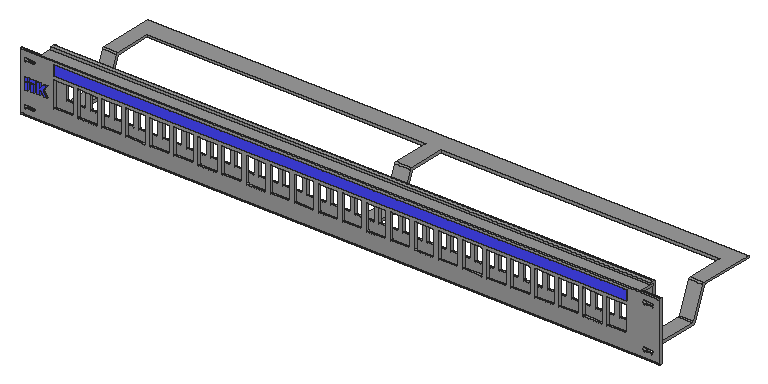
Revit family "ITK_Телефонная патч-панель_19-дюймовое крепление_1U_категория 3", category Обобщенные модели, Revit 2019
Family settings
  Может служить основой для арматурных стержней = Нет
  Размер круглого соединителя = Использовать диаметр
  Тип детали = Нормальный
  На основе рабочей плоскости = Нет
  Всегда вертикально = Да
  При загрузке вырезать с полостями = Нет
  Общий = Нет
  Точка расчета площади = Нет
Parameters (values of type "PP24-1UMU")
  Ширина = 482.6 mm
  Материал = Окраска - RAL 9005
  Изготовитель = "ITK"  # constant formula
  Дата изменения = ""
  Глубина = 101.8 mm
  Высота = 44.5 mm
  URL = "https://www.iek.ru/"
  KSI_CPr_Строительные изделия = "27.12.31.61.1.04.09-1090"  # constant formula
  KSI_CMa_Строительные материалы = "10.03.02.06"  # constant formula
  IEK_Цена за единицу = 1354.69
  IEK_Поиск в таблице имен = ""
  IEK_Описание = "Современное универсальное решение для использования модулей Keyston Jack.\r\nСовместимы со всеми 19\" шкафами и стойками ITK."
  IEK_URL = "https://www.itk-group.ru/produktsiya/catalog/oborudovanie_telekommunikatsionnoe/komponenty_sks_mednye/patch_paneli/modulnye_patch_paneli/itk_1u_modulnaya_patch_panel_utp_24_porta"
  ADSK_Примечание = ""
  ADSK_Позиция [instance] = ""
  ADSK_Наименование = "ITK 1U Модульная патч-панель UTP 24 порта"
  ADSK_Материал обозначение = ""
  ADSK_Материал наименование = "Металл"  # constant formula
  ADSK_Масса = 0.82
  ADSK_Марка = ""  # constant formula
  ADSK_Код изделия = "PP24-1UMU"
  ADSK_Завод-изготовитель = "IEK"  # constant formula
  ADSK_Единица измерения = "шт"  # constant formula
  ADSK_Группирование = "I. ЩИТЫ И ПУЛЬТЫ"  # constant formula
  ADSK_Версия семейства = "1.0"  # constant formula
  ADSK_Версия Revit = "2019"  # constant formula
  ADSK_URL страницы изделия = "https://www.itk-group.ru/produktsiya/catalog/oborudovanie_telekommunikatsionnoe/komponenty_sks_mednye/patch_paneli/patch_paneli_kat_3/"
Reference planes
  plane 1 "По центру (Вперед/Назад)": y = 0
  plane 2: z = 0
  plane 3 "По центру (Влево/Вправо)": x = 0
  plane 4: z = 44.5
  plane 5: y = 11.8
  plane 6: x = 232.5
  plane 7: z = 22.25
  plane 8: z = 38.15
  plane 9: z = 6.35
  plane 10: x = -233.8
  plane 11: x = -216.3
  plane 12: x = 216.3
  plane 13: z = 28.703
  plane 14: x = -241.3
  plane 15: x = 241.3
  plane 16: x = -215.909
  plane 17: x = 215.95
  plane 18: x = 201.15
  plane 19: y = 101.8
  plane 20: y = 50.9
Forms (mm)
  Extrusion 1, void
    sketch origin (0, 0, 0) x (1, 0, 0) y (0, 1, 0)
      loop
        line (-241.3, 11.8) -> (-241.3, 1.6) -> (-226.3, 1.6) -> (-226.3, 11.8) -> (-241.3, 11.8)
      loop
        line (241.3, 11.8) -> (226.3, 11.8) -> (226.3, 1.6) -> (241.3, 1.6) -> (241.3, 11.8)
    from 0 to 482.6
  Extrusion 2, solid, material "Окраска - RAL 9005" <- "Материал", detail levels fine
    sketch origin (-241.3, 0, 0) x (0, 1, 0) y (0, 0, 1)
      loop
        line (11.8, 44.5) -> (0.523, 44.5)
        arc (0.523, 44.5) -> (0.153, 44.347) -> (0, 43.977) r 0.523
        line (0, 43.977) -> (0, 0.507)
        arc (0, 0.507) -> (0.148, 0.148) -> (0.507, 0) r 0.507
        line (0.507, 0) -> (11.8, 0) -> (11.8, 1.6) -> (2.104, 1.6)
        arc (2.104, 1.6) -> (1.748, 1.748) -> (1.6, 2.104) r 0.504
        line (1.6, 2.104) -> (1.6, 42.358)
        arc (1.6, 42.358) -> (1.759, 42.741) -> (2.142, 42.9) r 0.542
        line (2.142, 42.9) -> (11.8, 42.9) -> (11.8, 44.5)
    from 0 to 482.6
  Extrusion 3, void
    sketch origin (0, 0, 0) x (1, 0, 0) y (0, 0, 1)
      loop
        line (235, 39.65) -> (230, 39.65)
        arc (230, 39.65) -> (228.5, 38.15) -> (230, 36.65) r 1.5
        line (230, 36.65) -> (235, 36.65)
        arc (235, 36.65) -> (236.5, 38.15) -> (235, 39.65) r 1.5
      loop
        arc (235, 4.85) -> (236.5, 6.35) -> (235, 7.85) r 1.5
        line (235, 7.85) -> (230, 7.85)
        arc (230, 7.85) -> (228.5, 6.35) -> (230, 4.85) r 1.5
        line (230, 4.85) -> (235, 4.85)
      loop
        arc (-236.3, 39.65) -> (-237.8, 38.15) -> (-236.3, 36.65) r 1.5
        line (-236.3, 36.65) -> (-231.3, 36.65)
        arc (-231.3, 36.65) -> (-229.8, 38.15) -> (-231.3, 39.65) r 1.5
        line (-231.3, 39.65) -> (-236.3, 39.65)
      loop
        line (-236.3, 4.85) -> (-231.3, 4.85)
        arc (-231.3, 4.85) -> (-229.8, 6.35) -> (-231.3, 7.85) r 1.5
        line (-231.3, 7.85) -> (-236.3, 7.85)
        arc (-236.3, 7.85) -> (-237.8, 6.35) -> (-236.3, 4.85) r 1.5
    from 0 to -2
  Extrusion 4, solid, material "Пластик белый", detail levels fine
    sketch origin (0, 0, 0) x (1, 0, 0) y (0, 0, 1)
      loop
        line (-215.909, 34.349) -> (-124.048, 34.349) -> (215.95, 34.349) -> (215.95, 41.844) -> (-126.424, 41.844) -> (-215.909, 41.844) -> (-215.909, 34.349)
    from 0 to -0.974
  Extrusion 5, void
    sketch origin (0, 0, 0) x (1, 0, 0) y (0, 0, 1)
      loop
        line (-215.909, 41.844) -> (-215.909, 34.349) -> (2.601, 34.349) -> (215.95, 34.349) -> (215.95, 41.844) -> (3.377, 41.844) -> (-215.909, 41.844)
    from -0.974 to 0
  Extrusion 6, void
    sketch origin (-0.654, 0, 0) x (1, 0, 0) y (0, 0, 1)
      loop
        arc (-214.746, 32.1) -> (-215.106, 31.951) -> (-215.254, 31.591) r 0.509
        line (-215.254, 31.591) -> (-215.254, 12.94)
        arc (-215.254, 12.94) -> (-215.096, 12.558) -> (-214.715, 12.4) r 0.54
        line (-214.715, 12.4) -> (-200.981, 12.4)
        arc (-200.981, 12.4) -> (-200.609, 12.554) -> (-200.454, 12.927) r 0.527
        line (-200.454, 12.927) -> (-200.454, 31.6)
        arc (-200.454, 31.6) -> (-200.601, 31.954) -> (-200.954, 32.1) r 0.5
        line (-200.954, 32.1) -> (-214.746, 32.1)
    from 3.3 to -20
  Extrusion 7, solid, material "Условный материал-отделка", detail levels coarse+medium
    sketch origin (0, 0, 0) x (1, 0, 0) y (0, 0, 1)
      loop
        line (-241.3, 44.5) -> (-241.3, 0) -> (241.3, 0) -> (241.3, 44.5) -> (-241.3, 44.5)
    from -101.8 to 0
  Extrusion 8, solid, material "Пластик белый", detail levels fine
    sketch origin (-229.749, 0, 18.183) x (1, 0, 0) y (0, 0, 1)
      loop
        line (-7.624, 5.29) -> (-7.624, 0) -> (-5.312, 0) -> (-5.312, 5.29) -> (-7.624, 5.29)
      loop
        line (-0.808, 5.29) -> (-2.986, 5.29) -> (-2.986, 0) -> (-0.808, 0) -> (-0.808, 5.29)
      loop
        line (-7.624, 6.027) -> (-5.312, 6.027) -> (-5.312, 8.272) -> (-7.624, 8.272) -> (-7.624, 6.027)
      loop
        line (1.567, 8.272) -> (1.567, 0) -> (3.747, 0) -> (3.747, 3.101) -> (4.58, 3.101) -> (6.594, 0) -> (9.251, 0) -> (6.241, 4.142) -> (9.251, 8.272) -> (6.594, 8.272) -> (4.58, 5.17) -> (3.747, 5.17) -> (3.747, 8.272) -> (1.567, 8.272)
      loop
        line (-4.24, 6.027) -> (0.447, 6.027) -> (0.447, 8.272) -> (-4.24, 8.272) -> (-4.24, 6.027)
    from 0 to 0.554
  Extrusion 9, void
    sketch origin (416.405, 0, 0) x (1, 0, 0) y (0, 0, 1)
      loop
        arc (-214.746, 32.1) -> (-215.106, 31.951) -> (-215.254, 31.591) r 0.509
        line (-215.254, 31.591) -> (-215.254, 12.94)
        arc (-215.254, 12.94) -> (-215.096, 12.558) -> (-214.715, 12.4) r 0.54
        line (-214.715, 12.4) -> (-200.981, 12.4)
        arc (-200.981, 12.4) -> (-200.609, 12.554) -> (-200.454, 12.927) r 0.527
        line (-200.454, 12.927) -> (-200.454, 31.6)
        arc (-200.454, 31.6) -> (-200.601, 31.954) -> (-200.954, 32.1) r 0.5
        line (-200.954, 32.1) -> (-214.746, 32.1)
    from 3.3 to -20
  Extrusion 10, void
    sketch origin (17.479, 0, 0) x (1, 0, 0) y (0, 0, 1)
      loop
        arc (-214.746, 32.1) -> (-215.106, 31.951) -> (-215.254, 31.591) r 0.509
        line (-215.254, 31.591) -> (-215.254, 12.94)
        arc (-215.254, 12.94) -> (-215.096, 12.558) -> (-214.715, 12.4) r 0.54
        line (-214.715, 12.4) -> (-200.981, 12.4)
        arc (-200.981, 12.4) -> (-200.609, 12.554) -> (-200.454, 12.927) r 0.527
        line (-200.454, 12.927) -> (-200.454, 31.6)
        arc (-200.454, 31.6) -> (-200.601, 31.954) -> (-200.954, 32.1) r 0.5
        line (-200.954, 32.1) -> (-214.746, 32.1)
    from 3.3 to -20
  Extrusion 11, void
    sketch origin (35.612, 0, 0) x (1, 0, 0) y (0, 0, 1)
      loop
        arc (-214.746, 32.1) -> (-215.106, 31.951) -> (-215.254, 31.591) r 0.509
        line (-215.254, 31.591) -> (-215.254, 12.94)
        arc (-215.254, 12.94) -> (-215.096, 12.558) -> (-214.715, 12.4) r 0.54
        line (-214.715, 12.4) -> (-200.981, 12.4)
        arc (-200.981, 12.4) -> (-200.609, 12.554) -> (-200.454, 12.927) r 0.527
        line (-200.454, 12.927) -> (-200.454, 31.6)
        arc (-200.454, 31.6) -> (-200.601, 31.954) -> (-200.954, 32.1) r 0.5
        line (-200.954, 32.1) -> (-214.746, 32.1)
    from 3.3 to -20
  Extrusion 12, void
    sketch origin (53.745, 0, 0) x (1, 0, 0) y (0, 0, 1)
      loop
        arc (-214.746, 32.1) -> (-215.106, 31.951) -> (-215.254, 31.591) r 0.509
        line (-215.254, 31.591) -> (-215.254, 12.94)
        arc (-215.254, 12.94) -> (-215.096, 12.558) -> (-214.715, 12.4) r 0.54
        line (-214.715, 12.4) -> (-200.981, 12.4)
        arc (-200.981, 12.4) -> (-200.609, 12.554) -> (-200.454, 12.927) r 0.527
        line (-200.454, 12.927) -> (-200.454, 31.6)
        arc (-200.454, 31.6) -> (-200.601, 31.954) -> (-200.954, 32.1) r 0.5
        line (-200.954, 32.1) -> (-214.746, 32.1)
    from 3.3 to -20
  Extrusion 13, void
    sketch origin (71.878, 0, 0) x (1, 0, 0) y (0, 0, 1)
      loop
        arc (-214.746, 32.1) -> (-215.106, 31.951) -> (-215.254, 31.591) r 0.509
        line (-215.254, 31.591) -> (-215.254, 12.94)
        arc (-215.254, 12.94) -> (-215.096, 12.558) -> (-214.715, 12.4) r 0.54
        line (-214.715, 12.4) -> (-200.981, 12.4)
        arc (-200.981, 12.4) -> (-200.609, 12.554) -> (-200.454, 12.927) r 0.527
        line (-200.454, 12.927) -> (-200.454, 31.6)
        arc (-200.454, 31.6) -> (-200.601, 31.954) -> (-200.954, 32.1) r 0.5
        line (-200.954, 32.1) -> (-214.746, 32.1)
    from 3.3 to -20
  Extrusion 14, void
    sketch origin (90.011, 0, 0) x (1, 0, 0) y (0, 0, 1)
      loop
        arc (-214.746, 32.1) -> (-215.106, 31.951) -> (-215.254, 31.591) r 0.509
        line (-215.254, 31.591) -> (-215.254, 12.94)
        arc (-215.254, 12.94) -> (-215.096, 12.558) -> (-214.715, 12.4) r 0.54
        line (-214.715, 12.4) -> (-200.981, 12.4)
        arc (-200.981, 12.4) -> (-200.609, 12.554) -> (-200.454, 12.927) r 0.527
        line (-200.454, 12.927) -> (-200.454, 31.6)
        arc (-200.454, 31.6) -> (-200.601, 31.954) -> (-200.954, 32.1) r 0.5
        line (-200.954, 32.1) -> (-214.746, 32.1)
    from 3.3 to -20
  Extrusion 15, void
    sketch origin (108.144, 0, 0) x (1, 0, 0) y (0, 0, 1)
      loop
        arc (-214.746, 32.1) -> (-215.106, 31.951) -> (-215.254, 31.591) r 0.509
        line (-215.254, 31.591) -> (-215.254, 12.94)
        arc (-215.254, 12.94) -> (-215.096, 12.558) -> (-214.715, 12.4) r 0.54
        line (-214.715, 12.4) -> (-200.981, 12.4)
        arc (-200.981, 12.4) -> (-200.609, 12.554) -> (-200.454, 12.927) r 0.527
        line (-200.454, 12.927) -> (-200.454, 31.6)
        arc (-200.454, 31.6) -> (-200.601, 31.954) -> (-200.954, 32.1) r 0.5
        line (-200.954, 32.1) -> (-214.746, 32.1)
    from 3.3 to -20
  Extrusion 16, void
    sketch origin (126.277, 0, 0) x (1, 0, 0) y (0, 0, 1)
      loop
        arc (-214.746, 32.1) -> (-215.106, 31.951) -> (-215.254, 31.591) r 0.509
        line (-215.254, 31.591) -> (-215.254, 12.94)
        arc (-215.254, 12.94) -> (-215.096, 12.558) -> (-214.715, 12.4) r 0.54
        line (-214.715, 12.4) -> (-200.981, 12.4)
        arc (-200.981, 12.4) -> (-200.609, 12.554) -> (-200.454, 12.927) r 0.527
        line (-200.454, 12.927) -> (-200.454, 31.6)
        arc (-200.454, 31.6) -> (-200.601, 31.954) -> (-200.954, 32.1) r 0.5
        line (-200.954, 32.1) -> (-214.746, 32.1)
    from 3.3 to -20
  Extrusion 17, void
    sketch origin (144.41, 0, 0) x (1, 0, 0) y (0, 0, 1)
      loop
        arc (-214.746, 32.1) -> (-215.106, 31.951) -> (-215.254, 31.591) r 0.509
        line (-215.254, 31.591) -> (-215.254, 12.94)
        arc (-215.254, 12.94) -> (-215.096, 12.558) -> (-214.715, 12.4) r 0.54
        line (-214.715, 12.4) -> (-200.981, 12.4)
        arc (-200.981, 12.4) -> (-200.609, 12.554) -> (-200.454, 12.927) r 0.527
        line (-200.454, 12.927) -> (-200.454, 31.6)
        arc (-200.454, 31.6) -> (-200.601, 31.954) -> (-200.954, 32.1) r 0.5
        line (-200.954, 32.1) -> (-214.746, 32.1)
    from 3.3 to -20
  Extrusion 18, void
    sketch origin (162.543, 0, 0) x (1, 0, 0) y (0, 0, 1)
      loop
        arc (-214.746, 32.1) -> (-215.106, 31.951) -> (-215.254, 31.591) r 0.509
        line (-215.254, 31.591) -> (-215.254, 12.94)
        arc (-215.254, 12.94) -> (-215.096, 12.558) -> (-214.715, 12.4) r 0.54
        line (-214.715, 12.4) -> (-200.981, 12.4)
        arc (-200.981, 12.4) -> (-200.609, 12.554) -> (-200.454, 12.927) r 0.527
        line (-200.454, 12.927) -> (-200.454, 31.6)
        arc (-200.454, 31.6) -> (-200.601, 31.954) -> (-200.954, 32.1) r 0.5
        line (-200.954, 32.1) -> (-214.746, 32.1)
    from 3.3 to -20
  Extrusion 19, void
    sketch origin (180.676, 0, 0) x (1, 0, 0) y (0, 0, 1)
      loop
        arc (-214.746, 32.1) -> (-215.106, 31.951) -> (-215.254, 31.591) r 0.509
        line (-215.254, 31.591) -> (-215.254, 12.94)
        arc (-215.254, 12.94) -> (-215.096, 12.558) -> (-214.715, 12.4) r 0.54
        line (-214.715, 12.4) -> (-200.981, 12.4)
        arc (-200.981, 12.4) -> (-200.609, 12.554) -> (-200.454, 12.927) r 0.527
        line (-200.454, 12.927) -> (-200.454, 31.6)
        arc (-200.454, 31.6) -> (-200.601, 31.954) -> (-200.954, 32.1) r 0.5
        line (-200.954, 32.1) -> (-214.746, 32.1)
    from 3.3 to -20
  Extrusion 20, void
    sketch origin (198.809, 0, 0) x (1, 0, 0) y (0, 0, 1)
      loop
        arc (-214.746, 32.1) -> (-215.106, 31.951) -> (-215.254, 31.591) r 0.509
        line (-215.254, 31.591) -> (-215.254, 12.94)
        arc (-215.254, 12.94) -> (-215.096, 12.558) -> (-214.715, 12.4) r 0.54
        line (-214.715, 12.4) -> (-200.981, 12.4)
        arc (-200.981, 12.4) -> (-200.609, 12.554) -> (-200.454, 12.927) r 0.527
        line (-200.454, 12.927) -> (-200.454, 31.6)
        arc (-200.454, 31.6) -> (-200.601, 31.954) -> (-200.954, 32.1) r 0.5
        line (-200.954, 32.1) -> (-214.746, 32.1)
    from 3.3 to -20
  Extrusion 21, void
    sketch origin (216.942, 0, 0) x (1, 0, 0) y (0, 0, 1)
      loop
        arc (-214.746, 32.1) -> (-215.106, 31.951) -> (-215.254, 31.591) r 0.509
        line (-215.254, 31.591) -> (-215.254, 12.94)
        arc (-215.254, 12.94) -> (-215.096, 12.558) -> (-214.715, 12.4) r 0.54
        line (-214.715, 12.4) -> (-200.981, 12.4)
        arc (-200.981, 12.4) -> (-200.609, 12.554) -> (-200.454, 12.927) r 0.527
        line (-200.454, 12.927) -> (-200.454, 31.6)
        arc (-200.454, 31.6) -> (-200.601, 31.954) -> (-200.954, 32.1) r 0.5
        line (-200.954, 32.1) -> (-214.746, 32.1)
    from 3.3 to -20
  Extrusion 22, void
    sketch origin (235.075, 0, 0) x (1, 0, 0) y (0, 0, 1)
      loop
        arc (-214.746, 32.1) -> (-215.106, 31.951) -> (-215.254, 31.591) r 0.509
        line (-215.254, 31.591) -> (-215.254, 12.94)
        arc (-215.254, 12.94) -> (-215.096, 12.558) -> (-214.715, 12.4) r 0.54
        line (-214.715, 12.4) -> (-200.981, 12.4)
        arc (-200.981, 12.4) -> (-200.609, 12.554) -> (-200.454, 12.927) r 0.527
        line (-200.454, 12.927) -> (-200.454, 31.6)
        arc (-200.454, 31.6) -> (-200.601, 31.954) -> (-200.954, 32.1) r 0.5
        line (-200.954, 32.1) -> (-214.746, 32.1)
    from 3.3 to -20
  Extrusion 23, void
    sketch origin (253.208, 0, 0) x (1, 0, 0) y (0, 0, 1)
      loop
        arc (-214.746, 32.1) -> (-215.106, 31.951) -> (-215.254, 31.591) r 0.509
        line (-215.254, 31.591) -> (-215.254, 12.94)
        arc (-215.254, 12.94) -> (-215.096, 12.558) -> (-214.715, 12.4) r 0.54
        line (-214.715, 12.4) -> (-200.981, 12.4)
        arc (-200.981, 12.4) -> (-200.609, 12.554) -> (-200.454, 12.927) r 0.527
        line (-200.454, 12.927) -> (-200.454, 31.6)
        arc (-200.454, 31.6) -> (-200.601, 31.954) -> (-200.954, 32.1) r 0.5
        line (-200.954, 32.1) -> (-214.746, 32.1)
    from 3.3 to -20
  Extrusion 24, void
    sketch origin (271.341, 0, 0) x (1, 0, 0) y (0, 0, 1)
      loop
        arc (-214.746, 32.1) -> (-215.106, 31.951) -> (-215.254, 31.591) r 0.509
        line (-215.254, 31.591) -> (-215.254, 12.94)
        arc (-215.254, 12.94) -> (-215.096, 12.558) -> (-214.715, 12.4) r 0.54
        line (-214.715, 12.4) -> (-200.981, 12.4)
        arc (-200.981, 12.4) -> (-200.609, 12.554) -> (-200.454, 12.927) r 0.527
        line (-200.454, 12.927) -> (-200.454, 31.6)
        arc (-200.454, 31.6) -> (-200.601, 31.954) -> (-200.954, 32.1) r 0.5
        line (-200.954, 32.1) -> (-214.746, 32.1)
    from 3.3 to -20
  Extrusion 25, void
    sketch origin (289.474, 0, 0) x (1, 0, 0) y (0, 0, 1)
      loop
        arc (-214.746, 32.1) -> (-215.106, 31.951) -> (-215.254, 31.591) r 0.509
        line (-215.254, 31.591) -> (-215.254, 12.94)
        arc (-215.254, 12.94) -> (-215.096, 12.558) -> (-214.715, 12.4) r 0.54
        line (-214.715, 12.4) -> (-200.981, 12.4)
        arc (-200.981, 12.4) -> (-200.609, 12.554) -> (-200.454, 12.927) r 0.527
        line (-200.454, 12.927) -> (-200.454, 31.6)
        arc (-200.454, 31.6) -> (-200.601, 31.954) -> (-200.954, 32.1) r 0.5
        line (-200.954, 32.1) -> (-214.746, 32.1)
    from 3.3 to -20
  Extrusion 26, void
    sketch origin (307.607, 0, 0) x (1, 0, 0) y (0, 0, 1)
      loop
        arc (-214.746, 32.1) -> (-215.106, 31.951) -> (-215.254, 31.591) r 0.509
        line (-215.254, 31.591) -> (-215.254, 12.94)
        arc (-215.254, 12.94) -> (-215.096, 12.558) -> (-214.715, 12.4) r 0.54
        line (-214.715, 12.4) -> (-200.981, 12.4)
        arc (-200.981, 12.4) -> (-200.609, 12.554) -> (-200.454, 12.927) r 0.527
        line (-200.454, 12.927) -> (-200.454, 31.6)
        arc (-200.454, 31.6) -> (-200.601, 31.954) -> (-200.954, 32.1) r 0.5
        line (-200.954, 32.1) -> (-214.746, 32.1)
    from 3.3 to -20
  Extrusion 27, void
    sketch origin (325.74, 0, 0) x (1, 0, 0) y (0, 0, 1)
      loop
        arc (-214.746, 32.1) -> (-215.106, 31.951) -> (-215.254, 31.591) r 0.509
        line (-215.254, 31.591) -> (-215.254, 12.94)
        arc (-215.254, 12.94) -> (-215.096, 12.558) -> (-214.715, 12.4) r 0.54
        line (-214.715, 12.4) -> (-200.981, 12.4)
        arc (-200.981, 12.4) -> (-200.609, 12.554) -> (-200.454, 12.927) r 0.527
        line (-200.454, 12.927) -> (-200.454, 31.6)
        arc (-200.454, 31.6) -> (-200.601, 31.954) -> (-200.954, 32.1) r 0.5
        line (-200.954, 32.1) -> (-214.746, 32.1)
    from 3.3 to -20
  Extrusion 28, void
    sketch origin (343.873, 0, 0) x (1, 0, 0) y (0, 0, 1)
      loop
        arc (-214.746, 32.1) -> (-215.106, 31.951) -> (-215.254, 31.591) r 0.509
        line (-215.254, 31.591) -> (-215.254, 12.94)
        arc (-215.254, 12.94) -> (-215.096, 12.558) -> (-214.715, 12.4) r 0.54
        line (-214.715, 12.4) -> (-200.981, 12.4)
        arc (-200.981, 12.4) -> (-200.609, 12.554) -> (-200.454, 12.927) r 0.527
        line (-200.454, 12.927) -> (-200.454, 31.6)
        arc (-200.454, 31.6) -> (-200.601, 31.954) -> (-200.954, 32.1) r 0.5
        line (-200.954, 32.1) -> (-214.746, 32.1)
    from 3.3 to -20
  Extrusion 29, void
    sketch origin (362.006, 0, 0) x (1, 0, 0) y (0, 0, 1)
      loop
        arc (-214.746, 32.1) -> (-215.106, 31.951) -> (-215.254, 31.591) r 0.509
        line (-215.254, 31.591) -> (-215.254, 12.94)
        arc (-215.254, 12.94) -> (-215.096, 12.558) -> (-214.715, 12.4) r 0.54
        line (-214.715, 12.4) -> (-200.981, 12.4)
        arc (-200.981, 12.4) -> (-200.609, 12.554) -> (-200.454, 12.927) r 0.527
        line (-200.454, 12.927) -> (-200.454, 31.6)
        arc (-200.454, 31.6) -> (-200.601, 31.954) -> (-200.954, 32.1) r 0.5
        line (-200.954, 32.1) -> (-214.746, 32.1)
    from 3.3 to -20
  Extrusion 30, void
    sketch origin (380.139, 0, 0) x (1, 0, 0) y (0, 0, 1)
      loop
        arc (-214.746, 32.1) -> (-215.106, 31.951) -> (-215.254, 31.591) r 0.509
        line (-215.254, 31.591) -> (-215.254, 12.94)
        arc (-215.254, 12.94) -> (-215.096, 12.558) -> (-214.715, 12.4) r 0.54
        line (-214.715, 12.4) -> (-200.981, 12.4)
        arc (-200.981, 12.4) -> (-200.609, 12.554) -> (-200.454, 12.927) r 0.527
        line (-200.454, 12.927) -> (-200.454, 31.6)
        arc (-200.454, 31.6) -> (-200.601, 31.954) -> (-200.954, 32.1) r 0.5
        line (-200.954, 32.1) -> (-214.746, 32.1)
    from 3.3 to -20
  Extrusion 31, void
    sketch origin (398.272, 0, 0) x (1, 0, 0) y (0, 0, 1)
      loop
        arc (-214.746, 32.1) -> (-215.106, 31.951) -> (-215.254, 31.591) r 0.509
        line (-215.254, 31.591) -> (-215.254, 12.94)
        arc (-215.254, 12.94) -> (-215.096, 12.558) -> (-214.715, 12.4) r 0.54
        line (-214.715, 12.4) -> (-200.981, 12.4)
        arc (-200.981, 12.4) -> (-200.609, 12.554) -> (-200.454, 12.927) r 0.527
        line (-200.454, 12.927) -> (-200.454, 31.6)
        arc (-200.454, 31.6) -> (-200.601, 31.954) -> (-200.954, 32.1) r 0.5
        line (-200.954, 32.1) -> (-214.746, 32.1)
    from 3.3 to -20
  Extrusion 32, solid, material "Окраска - RAL 9005" <- "Материал", detail levels fine
    sketch origin (0, 0, 0) x (0, 1, 0) y (0, 0, 1)
      loop
        line (101.8, 22.25) -> (101.8, 23.85) -> (60.12, 23.85)
        arc (60.12, 23.85) -> (59.453, 23.649) -> (59.007, 23.113) r 1.209
        line (59.007, 23.113) -> (50.201, 2.347)
        arc (50.201, 2.347) -> (49.765, 1.821) -> (49.111, 1.625) r 1.184
        line (49.111, 1.625) -> (14.515, 1.625)
        arc (14.515, 1.625) -> (13.694, 1.965) -> (13.354, 2.786) r 1.162
        line (13.354, 2.786) -> (13.354, 45.495)
        arc (13.354, 45.495) -> (13.177, 45.923) -> (12.749, 46.1) r 0.605
        line (12.749, 46.1) -> (9.705, 46.1) -> (9.705, 44.5) -> (11.8, 44.5) -> (11.8, 1.229)
        arc (11.8, 1.229) -> (12.16, 0.36) -> (13.029, 0) r 1.229
        line (13.029, 0) -> (50.117, 0)
        arc (50.117, 0) -> (50.77, 0.197) -> (51.206, 0.721) r 1.182
        line (51.206, 0.721) -> (60.013, 21.491)
        arc (60.013, 21.491) -> (60.472, 22.043) -> (61.16, 22.25) r 1.246
        line (61.16, 22.25) -> (101.8, 22.25)
    from 226.3 to -226.3
  Extrusion 33, void
    sketch origin (0, 0, 0) x (1, 0, 0) y (0, 1, 0)
      loop
        line (-215.909, 87.632) -> (-215.909, 17.632) -> (-5.909, 17.632) -> (-5.909, 87.632) -> (-215.909, 87.632)
      loop
        line (215.909, 87.632) -> (5.909, 87.632) -> (5.909, 17.632) -> (215.909, 17.632) -> (215.909, 87.632)
    from 27.815 to 0
Cuts and joins
  Extrusion 1, Extrusion 3, Extrusion 5, Extrusion 6, Extrusion 9, Extrusion 10, Extrusion 11, Extrusion 12, Extrusion 13, Extrusion 14, Extrusion 15, Extrusion 16, Extrusion 17, Extrusion 18, Extrusion 19, Extrusion 20, Extrusion 21, Extrusion 22, Extrusion 23, Extrusion 24, Extrusion 25, Extrusion 26, Extrusion 27, Extrusion 28, Extrusion 29, Extrusion 30, Extrusion 31 cuts Extrusion 2
  Extrusion 6, Extrusion 9, Extrusion 10, Extrusion 11, Extrusion 12, Extrusion 13, Extrusion 14, Extrusion 15, Extrusion 16, Extrusion 17, Extrusion 18, Extrusion 19, Extrusion 20, Extrusion 21, Extrusion 22, Extrusion 23, Extrusion 24, Extrusion 25, Extrusion 26, Extrusion 27, Extrusion 28, Extrusion 29, Extrusion 30, Extrusion 31, Extrusion 33 cuts Extrusion 32
Dimensions and locks
  plane 4 to level = 44.5 mm
  plane 5 to plane 1 "По центру (Вперед/Назад)" = 11.8 mm
  equal spacing: plane 11, plane 3 "По центру (Влево/Вправо)", plane 12
  plane 11 to plane 12 = 432.6 mm
  equal spacing: plane 14, plane 3 "По центру (Влево/Вправо)", plane 15
  "Ширина": plane 14 to plane 15
  "Высота": plane 4 to level
  aligned and locked: level to plane 2
  aligned and locked: Extrusion 5 sketch curve to Extrusion 4
  aligned and locked: plane 14 to Extrusion 7
  aligned and locked: cut or joined group 1 (Extrusion 1, Extrusion 2, Extrusion 3, Extrusion 5, Extrusion 6, Extrusion 9, Extrusion 10, Extrusion 11, Extrusion 12, Extrusion 13, Extrusion 14, Extrusion 15, Extrusion 16, Extrusion 17, Extrusion 18, Extrusion 19, Extrusion 20, Extrusion 21, Extrusion 22, Extrusion 23, Extrusion 24, Extrusion 25, Extrusion 26, Extrusion 27, Extrusion 28, Extrusion 29, Extrusion 30, Extrusion 31) to Extrusion 4
  aligned and locked: plane 1 "По центру (Вперед/Назад)" to Extrusion 4
  aligned and locked: Extrusion 32 to cut or joined group 1  (x2)
Automatic sketch dimensions
  plane 5 to Extrusion 1 sketch curve = 0 mm  (x2)
  Extrusion 1 sketch curve to plane 1 "По центру (Вперед/Назад)" = 1.6 mm  (x2)
  Extrusion 1 sketch curve to plane 10 = 7.5 mm
  plane 10 to Extrusion 1 sketch curve = 7.5 mm
  Extrusion 1 sketch curve to plane 6 = 6.2 mm
  plane 6 to Extrusion 1 sketch curve = 8.8 mm
  Extrusion 2 sketch curve to plane 1 "По центру (Вперед/Назад)" = 0 mm
  Extrusion 2 sketch curve to level = 0 mm
  Extrusion 2 sketch curve to plane 4 = 0 mm
  Extrusion 2 sketch curve to plane 5 = 0 mm  (x2)
  Extrusion 2 sketch curve to Extrusion 2 sketch curve = 0.507 mm
  Extrusion 2 sketch curve to Extrusion 2 sketch curve = 0.523 mm
  Extrusion 2 sketch curve to plane 1 "По центру (Вперед/Назад)" = 1.6 mm
  Extrusion 2 sketch curve to Extrusion 2 sketch curve = 0.504 mm
  Extrusion 2 sketch curve to Extrusion 2 sketch curve = 0.542 mm
  Extrusion 2 sketch curve to Extrusion 2 sketch curve = 1.6 mm
  Extrusion 2 sketch curve to plane 4 = 2.142 mm
  Extrusion 3 sketch curve to plane 9 = 0 mm  (x2)
  Extrusion 3 sketch curve to plane 8 = 0 mm  (x2)
  Extrusion 3 sketch curve to plane 10 = 2.5 mm  (x2)
  plane 10 to Extrusion 3 sketch curve = 2.5 mm  (x2)
  Extrusion 3 sketch curve to plane 6 = 2.5 mm  (x2)
  plane 6 to Extrusion 3 sketch curve = 2.5 mm  (x2)
  Extrusion 3 sketch curve to Extrusion 3 sketch curve = 1.5 mm  (x2)
  Extrusion 3 sketch curve to plane 8 = 1.5 mm  (x2)
  plane 11 to Extrusion 4 sketch curve = 0.391 mm
  Extrusion 4 sketch curve to Extrusion 4 sketch curve = 89.485 mm
  Extrusion 7 sketch curve to level = 0 mm
  Extrusion 7 sketch curve to plane 4 = 0 mm
  Extrusion 7 sketch curve to plane 10 = 7.5 mm
  plane 6 to Extrusion 7 sketch curve = 8.8 mm
  plane 14 to Extrusion 8 sketch curve = 3.926 mm
  Extrusion 8 sketch curve to plane 13 = 2.248 mm  (x4)
  Extrusion 8 sketch curve to Extrusion 8 sketch curve = 0 mm  (x2)
  Extrusion 8 sketch curve to plane 10 = 1.261 mm
  Extrusion 8 sketch curve to plane 10 = 0.19 mm
  plane 10 to Extrusion 8 sketch curve = 1.065 mm
  Extrusion 8 sketch curve to Extrusion 8 sketch curve = 2.178 mm
  Extrusion 8 sketch curve to Extrusion 8 sketch curve = 1.255 mm
  Extrusion 8 sketch curve to Extrusion 8 sketch curve = 1.12 mm
  Extrusion 8 sketch curve to Extrusion 8 sketch curve = 2.18 mm  (x2)
  Extrusion 8 sketch curve to Extrusion 8 sketch curve = 0.834 mm  (x2)
  Extrusion 8 sketch curve to plane 7 = 0.965 mm
  plane 7 to Extrusion 8 sketch curve = 0.076 mm
  Extrusion 8 sketch curve to Extrusion 8 sketch curve = 1.661 mm
  Extrusion 8 sketch curve to Extrusion 8 sketch curve = 2.848 mm  (x2)
  Extrusion 8 sketch curve to plane 7 = 4.067 mm  (x4)
  Extrusion 8 sketch curve to Extrusion 8 sketch curve = 2.656 mm  (x2)
  Extrusion 8 sketch curve to Extrusion 8 sketch curve = 1.028 mm
  plane 7 to Extrusion 8 sketch curve = 1.223 mm
  Extrusion 8 sketch curve to Extrusion 8 sketch curve = 2.982 mm
  Extrusion 8 sketch curve to Extrusion 8 sketch curve = 0.737 mm  (x2)
  Extrusion 5 sketch curve to plane 8 = 3.801 mm
  Extrusion 5 sketch curve to plane 4 = 2.656 mm
  plane 12 to Extrusion 5 sketch curve = 0.35 mm
  Extrusion 6 sketch curve to Extrusion 6 sketch curve = 0.509 mm
  Extrusion 6 sketch curve to Extrusion 6 sketch curve = 0.54 mm
  Extrusion 6 sketch curve to Extrusion 6 sketch curve = 13.734 mm
  Extrusion 6 sketch curve to Extrusion 6 sketch curve = 13.792 mm
  Extrusion 6 sketch curve to Extrusion 6 sketch curve = 0.5 mm
  Extrusion 6 sketch curve to Extrusion 6 sketch curve = 18.652 mm
  Extrusion 9 sketch curve to Extrusion 9 sketch curve = 0.509 mm
  Extrusion 9 sketch curve to Extrusion 9 sketch curve = 0.54 mm
  Extrusion 9 sketch curve to Extrusion 9 sketch curve = 13.734 mm
  Extrusion 9 sketch curve to Extrusion 9 sketch curve = 13.792 mm
  Extrusion 9 sketch curve to Extrusion 9 sketch curve = 0.5 mm
  Extrusion 9 sketch curve to Extrusion 9 sketch curve = 18.652 mm
  Extrusion 10 sketch curve to Extrusion 10 sketch curve = 0.509 mm
  Extrusion 10 sketch curve to Extrusion 10 sketch curve = 0.54 mm
  Extrusion 10 sketch curve to Extrusion 10 sketch curve = 13.734 mm
  Extrusion 10 sketch curve to Extrusion 10 sketch curve = 13.792 mm
  Extrusion 10 sketch curve to Extrusion 10 sketch curve = 0.5 mm
  Extrusion 10 sketch curve to Extrusion 10 sketch curve = 18.652 mm
  Extrusion 11 sketch curve to Extrusion 11 sketch curve = 0.509 mm
  Extrusion 11 sketch curve to Extrusion 11 sketch curve = 0.54 mm
  Extrusion 11 sketch curve to Extrusion 11 sketch curve = 13.734 mm
  Extrusion 11 sketch curve to Extrusion 11 sketch curve = 13.792 mm
  Extrusion 11 sketch curve to Extrusion 11 sketch curve = 0.5 mm
  Extrusion 11 sketch curve to Extrusion 11 sketch curve = 18.652 mm
  Extrusion 12 sketch curve to Extrusion 12 sketch curve = 0.509 mm
  Extrusion 12 sketch curve to Extrusion 12 sketch curve = 0.54 mm
  Extrusion 12 sketch curve to Extrusion 12 sketch curve = 13.734 mm
  Extrusion 12 sketch curve to Extrusion 12 sketch curve = 13.792 mm
  Extrusion 12 sketch curve to Extrusion 12 sketch curve = 0.5 mm
  Extrusion 12 sketch curve to Extrusion 12 sketch curve = 18.652 mm
  Extrusion 13 sketch curve to Extrusion 13 sketch curve = 0.509 mm
  Extrusion 13 sketch curve to Extrusion 13 sketch curve = 0.54 mm
  Extrusion 13 sketch curve to Extrusion 13 sketch curve = 13.734 mm
  Extrusion 13 sketch curve to Extrusion 13 sketch curve = 13.792 mm
  Extrusion 13 sketch curve to Extrusion 13 sketch curve = 0.5 mm
  Extrusion 13 sketch curve to Extrusion 13 sketch curve = 18.652 mm
  Extrusion 14 sketch curve to Extrusion 14 sketch curve = 0.509 mm
  Extrusion 14 sketch curve to Extrusion 14 sketch curve = 0.54 mm
  Extrusion 14 sketch curve to Extrusion 14 sketch curve = 13.734 mm
  Extrusion 14 sketch curve to Extrusion 14 sketch curve = 13.792 mm
  Extrusion 14 sketch curve to Extrusion 14 sketch curve = 0.5 mm
  Extrusion 14 sketch curve to Extrusion 14 sketch curve = 18.652 mm
  Extrusion 15 sketch curve to Extrusion 15 sketch curve = 0.509 mm
  Extrusion 15 sketch curve to Extrusion 15 sketch curve = 0.54 mm
  Extrusion 15 sketch curve to Extrusion 15 sketch curve = 13.734 mm
  Extrusion 15 sketch curve to Extrusion 15 sketch curve = 13.792 mm
  Extrusion 15 sketch curve to Extrusion 15 sketch curve = 0.5 mm
  Extrusion 15 sketch curve to Extrusion 15 sketch curve = 18.652 mm
  Extrusion 16 sketch curve to Extrusion 16 sketch curve = 0.509 mm
  Extrusion 16 sketch curve to Extrusion 16 sketch curve = 0.54 mm
  Extrusion 16 sketch curve to Extrusion 16 sketch curve = 13.734 mm
  Extrusion 16 sketch curve to Extrusion 16 sketch curve = 13.792 mm
  Extrusion 16 sketch curve to Extrusion 16 sketch curve = 0.5 mm
  Extrusion 16 sketch curve to Extrusion 16 sketch curve = 18.652 mm
  Extrusion 17 sketch curve to Extrusion 17 sketch curve = 0.509 mm
  Extrusion 17 sketch curve to Extrusion 17 sketch curve = 0.54 mm
  Extrusion 17 sketch curve to Extrusion 17 sketch curve = 13.734 mm
  Extrusion 17 sketch curve to Extrusion 17 sketch curve = 13.792 mm
  Extrusion 17 sketch curve to Extrusion 17 sketch curve = 0.5 mm
  Extrusion 17 sketch curve to Extrusion 17 sketch curve = 18.652 mm
  Extrusion 18 sketch curve to Extrusion 18 sketch curve = 0.509 mm
  Extrusion 18 sketch curve to Extrusion 18 sketch curve = 0.54 mm
  Extrusion 18 sketch curve to Extrusion 18 sketch curve = 13.734 mm
  Extrusion 18 sketch curve to Extrusion 18 sketch curve = 13.792 mm
  Extrusion 18 sketch curve to Extrusion 18 sketch curve = 0.5 mm
  Extrusion 18 sketch curve to Extrusion 18 sketch curve = 18.652 mm
  Extrusion 19 sketch curve to Extrusion 19 sketch curve = 0.509 mm
  Extrusion 19 sketch curve to Extrusion 19 sketch curve = 0.54 mm
  Extrusion 19 sketch curve to Extrusion 19 sketch curve = 13.734 mm
  Extrusion 19 sketch curve to Extrusion 19 sketch curve = 13.792 mm
  Extrusion 19 sketch curve to Extrusion 19 sketch curve = 0.5 mm
  Extrusion 19 sketch curve to Extrusion 19 sketch curve = 18.652 mm
  Extrusion 20 sketch curve to Extrusion 20 sketch curve = 0.509 mm
  Extrusion 20 sketch curve to Extrusion 20 sketch curve = 0.54 mm
  Extrusion 20 sketch curve to Extrusion 20 sketch curve = 13.734 mm
  Extrusion 20 sketch curve to Extrusion 20 sketch curve = 13.792 mm
  Extrusion 20 sketch curve to Extrusion 20 sketch curve = 0.5 mm
  Extrusion 20 sketch curve to Extrusion 20 sketch curve = 18.652 mm
  Extrusion 21 sketch curve to Extrusion 21 sketch curve = 0.509 mm
  Extrusion 21 sketch curve to Extrusion 21 sketch curve = 0.54 mm
  Extrusion 21 sketch curve to Extrusion 21 sketch curve = 13.734 mm
  Extrusion 21 sketch curve to Extrusion 21 sketch curve = 13.792 mm
  Extrusion 21 sketch curve to Extrusion 21 sketch curve = 0.5 mm
  Extrusion 21 sketch curve to Extrusion 21 sketch curve = 18.652 mm
  Extrusion 22 sketch curve to Extrusion 22 sketch curve = 0.509 mm
  Extrusion 22 sketch curve to Extrusion 22 sketch curve = 0.54 mm
  Extrusion 22 sketch curve to Extrusion 22 sketch curve = 13.734 mm
  Extrusion 22 sketch curve to Extrusion 22 sketch curve = 13.792 mm
  Extrusion 22 sketch curve to Extrusion 22 sketch curve = 0.5 mm
  Extrusion 22 sketch curve to Extrusion 22 sketch curve = 18.652 mm
  Extrusion 23 sketch curve to Extrusion 23 sketch curve = 0.509 mm
  Extrusion 23 sketch curve to Extrusion 23 sketch curve = 0.54 mm
  Extrusion 23 sketch curve to Extrusion 23 sketch curve = 13.734 mm
  Extrusion 23 sketch curve to Extrusion 23 sketch curve = 13.792 mm
  Extrusion 23 sketch curve to Extrusion 23 sketch curve = 0.5 mm
  Extrusion 23 sketch curve to Extrusion 23 sketch curve = 18.652 mm
  Extrusion 24 sketch curve to Extrusion 24 sketch curve = 0.509 mm
  Extrusion 24 sketch curve to Extrusion 24 sketch curve = 0.54 mm
  Extrusion 24 sketch curve to Extrusion 24 sketch curve = 13.734 mm
  Extrusion 24 sketch curve to Extrusion 24 sketch curve = 13.792 mm
  Extrusion 24 sketch curve to Extrusion 24 sketch curve = 0.5 mm
  Extrusion 24 sketch curve to Extrusion 24 sketch curve = 18.652 mm
  Extrusion 25 sketch curve to Extrusion 25 sketch curve = 0.509 mm
  Extrusion 25 sketch curve to Extrusion 25 sketch curve = 0.54 mm
  Extrusion 25 sketch curve to Extrusion 25 sketch curve = 13.734 mm
  Extrusion 25 sketch curve to Extrusion 25 sketch curve = 13.792 mm
  Extrusion 25 sketch curve to Extrusion 25 sketch curve = 0.5 mm
  Extrusion 25 sketch curve to Extrusion 25 sketch curve = 18.652 mm
  Extrusion 26 sketch curve to Extrusion 26 sketch curve = 0.509 mm
  Extrusion 26 sketch curve to Extrusion 26 sketch curve = 0.54 mm
  Extrusion 26 sketch curve to Extrusion 26 sketch curve = 13.734 mm
  Extrusion 26 sketch curve to Extrusion 26 sketch curve = 13.792 mm
  Extrusion 26 sketch curve to Extrusion 26 sketch curve = 0.5 mm
  Extrusion 26 sketch curve to Extrusion 26 sketch curve = 18.652 mm
  Extrusion 27 sketch curve to Extrusion 27 sketch curve = 0.509 mm
  Extrusion 27 sketch curve to Extrusion 27 sketch curve = 0.54 mm
  Extrusion 27 sketch curve to Extrusion 27 sketch curve = 13.734 mm
  Extrusion 27 sketch curve to Extrusion 27 sketch curve = 13.792 mm
  Extrusion 27 sketch curve to Extrusion 27 sketch curve = 0.5 mm
  Extrusion 27 sketch curve to Extrusion 27 sketch curve = 18.652 mm
  Extrusion 28 sketch curve to Extrusion 28 sketch curve = 0.509 mm
  Extrusion 28 sketch curve to Extrusion 28 sketch curve = 0.54 mm
  Extrusion 28 sketch curve to Extrusion 28 sketch curve = 13.734 mm
  Extrusion 28 sketch curve to Extrusion 28 sketch curve = 13.792 mm
  Extrusion 28 sketch curve to Extrusion 28 sketch curve = 0.5 mm
  Extrusion 28 sketch curve to Extrusion 28 sketch curve = 18.652 mm
  Extrusion 29 sketch curve to Extrusion 29 sketch curve = 0.509 mm
  Extrusion 29 sketch curve to Extrusion 29 sketch curve = 0.54 mm
  Extrusion 29 sketch curve to Extrusion 29 sketch curve = 13.734 mm
  Extrusion 29 sketch curve to Extrusion 29 sketch curve = 13.792 mm
  Extrusion 29 sketch curve to Extrusion 29 sketch curve = 0.5 mm
  Extrusion 29 sketch curve to Extrusion 29 sketch curve = 18.652 mm
  Extrusion 30 sketch curve to Extrusion 30 sketch curve = 0.509 mm
  Extrusion 30 sketch curve to Extrusion 30 sketch curve = 0.54 mm
  Extrusion 30 sketch curve to Extrusion 30 sketch curve = 13.734 mm
  Extrusion 30 sketch curve to Extrusion 30 sketch curve = 13.792 mm
  Extrusion 30 sketch curve to Extrusion 30 sketch curve = 0.5 mm
  Extrusion 30 sketch curve to Extrusion 30 sketch curve = 18.652 mm
  Extrusion 31 sketch curve to Extrusion 31 sketch curve = 0.509 mm
  Extrusion 31 sketch curve to Extrusion 31 sketch curve = 0.54 mm
  Extrusion 31 sketch curve to Extrusion 31 sketch curve = 13.734 mm
  Extrusion 31 sketch curve to Extrusion 31 sketch curve = 13.792 mm
  Extrusion 31 sketch curve to Extrusion 31 sketch curve = 0.5 mm
  Extrusion 31 sketch curve to Extrusion 31 sketch curve = 18.652 mm
  Extrusion 6 sketch curve to plane 16 = 0 mm
  plane 9 to Extrusion 6 sketch curve = 6.05 mm
  Extrusion 9 sketch curve to plane 18 = 0 mm
  plane 9 to Extrusion 9 sketch curve = 6.05 mm
  plane 9 to Extrusion 10 sketch curve = 6.59 mm
  plane 16 to Extrusion 10 sketch curve = 18.133 mm
  plane 9 to Extrusion 11 sketch curve = 6.59 mm
  plane 16 to Extrusion 11 sketch curve = 36.266 mm
  plane 9 to Extrusion 12 sketch curve = 6.59 mm
  plane 16 to Extrusion 12 sketch curve = 54.399 mm
  plane 9 to Extrusion 13 sketch curve = 6.59 mm
  plane 16 to Extrusion 13 sketch curve = 72.532 mm
  plane 9 to Extrusion 14 sketch curve = 6.59 mm
  plane 16 to Extrusion 14 sketch curve = 90.665 mm
  plane 9 to Extrusion 15 sketch curve = 6.59 mm
  Extrusion 15 sketch curve to plane 3 "По центру (Влево/Вправо)" = 107.111 mm
  plane 9 to Extrusion 16 sketch curve = 6.59 mm
  Extrusion 16 sketch curve to plane 3 "По центру (Влево/Вправо)" = 88.978 mm
  plane 9 to Extrusion 17 sketch curve = 6.59 mm
  Extrusion 17 sketch curve to plane 3 "По центру (Влево/Вправо)" = 70.845 mm
  plane 9 to Extrusion 18 sketch curve = 6.59 mm
  Extrusion 18 sketch curve to plane 3 "По центру (Влево/Вправо)" = 52.712 mm
  plane 9 to Extrusion 19 sketch curve = 6.59 mm
  Extrusion 19 sketch curve to plane 3 "По центру (Влево/Вправо)" = 34.579 mm
  plane 9 to Extrusion 20 sketch curve = 6.59 mm
  Extrusion 20 sketch curve to plane 3 "По центру (Влево/Вправо)" = 16.446 mm
  plane 3 "По центру (Влево/Вправо)" to Extrusion 21 sketch curve = 1.687 mm
  plane 9 to Extrusion 21 sketch curve = 6.05 mm
  plane 9 to Extrusion 22 sketch curve = 6.59 mm
  plane 3 "По центру (Влево/Вправо)" to Extrusion 22 sketch curve = 19.82 mm
  plane 9 to Extrusion 23 sketch curve = 6.59 mm
  plane 3 "По центру (Влево/Вправо)" to Extrusion 23 sketch curve = 37.953 mm
  plane 9 to Extrusion 24 sketch curve = 6.59 mm
  plane 3 "По центру (Влево/Вправо)" to Extrusion 24 sketch curve = 56.086 mm
  plane 9 to Extrusion 25 sketch curve = 6.59 mm
  plane 3 "По центру (Влево/Вправо)" to Extrusion 25 sketch curve = 74.219 mm
  plane 9 to Extrusion 26 sketch curve = 6.59 mm
  plane 3 "По центру (Влево/Вправо)" to Extrusion 26 sketch curve = 92.352 mm
  plane 9 to Extrusion 27 sketch curve = 6.59 mm
  Extrusion 27 sketch curve to plane 18 = 90.665 mm
  plane 9 to Extrusion 28 sketch curve = 6.59 mm
  Extrusion 28 sketch curve to plane 18 = 72.532 mm
  plane 9 to Extrusion 29 sketch curve = 6.59 mm
  Extrusion 29 sketch curve to plane 18 = 54.399 mm
  plane 9 to Extrusion 30 sketch curve = 6.59 mm
  Extrusion 30 sketch curve to plane 18 = 36.266 mm
  plane 9 to Extrusion 31 sketch curve = 6.59 mm
  Extrusion 31 sketch curve to plane 18 = 18.133 mm
  Extrusion 5 sketch curve to plane 18 = 198.549 mm
  Extrusion 5 sketch curve to Extrusion 5 sketch curve = 0.776 mm
  Extrusion 4 sketch curve to Extrusion 4 sketch curve = 2.375 mm
  Extrusion 4 sketch curve to plane 17 = 0 mm
  Extrusion 4 sketch curve to plane 4 = 2.656 mm
  Extrusion 4 sketch curve to plane 8 = 3.801 mm
  Extrusion 32 sketch curve to plane 4 = 0 mm
  Extrusion 32 sketch curve to plane 5 = 0 mm
  Extrusion 32 sketch curve to level = 0 mm
  Extrusion 32 sketch curve to plane 7 = 0 mm
  Extrusion 32 sketch curve to plane 19 = 0 mm
  plane 5 to Extrusion 32 sketch curve = 2.095 mm
  Extrusion 32 sketch curve to plane 5 = 0.949 mm
  Extrusion 32 sketch curve to plane 5 = 1.229 mm
  Extrusion 32 sketch curve to plane 5 = 1.554 mm
  Extrusion 32 sketch curve to Extrusion 32 sketch curve = 1.486 mm
  plane 20 to Extrusion 32 sketch curve = 1.789 mm
  plane 20 to Extrusion 32 sketch curve = 0.783 mm
  plane 20 to Extrusion 32 sketch curve = 0.699 mm
  Extrusion 32 sketch curve to plane 20 = 0.306 mm
  plane 7 to Extrusion 32 sketch curve = 0.863 mm
  Extrusion 32 sketch curve to plane 20 = 8.107 mm
  Extrusion 32 sketch curve to plane 7 = 0.759 mm
  Extrusion 32 sketch curve to Extrusion 32 sketch curve = 1.006 mm
  Extrusion 32 sketch curve to Extrusion 32 sketch curve = 1.113 mm
  Extrusion 32 sketch curve to plane 7 = 1.246 mm
  level to Extrusion 32 sketch curve = 0.721 mm
  Extrusion 32 sketch curve to Extrusion 32 sketch curve = 0.395 mm
  Extrusion 32 sketch curve to Extrusion 32 sketch curve = 1.164 mm
  plane 7 to Extrusion 32 sketch curve = 0.391 mm
  plane 4 to Extrusion 32 sketch curve = 0.995 mm
  Extrusion 33 sketch curve to plane 16 = 0 mm
  Extrusion 33 sketch curve to plane 3 "По центру (Влево/Вправо)" = 5.909 mm
  plane 3 "По центру (Влево/Вправо)" to Extrusion 33 sketch curve = 5.909 mm
  Extrusion 33 sketch curve to plane 17 = 0.042 mm
  Extrusion 33 sketch curve to plane 5 = 5.832 mm  (x2)
  plane 19 to Extrusion 33 sketch curve = 14.168 mm  (x2)
